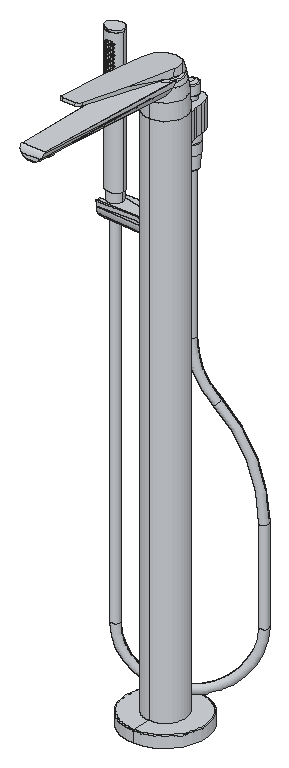
Revit family "Faucet-Bath_Filler-KOHLER-Avid-K-T97367", category Plumbing Fixtures, host Face, Revit 2015 (continued)
Definition of nested family "K-T97367"
  Lines and regions (in)
    symbolic lines, detail levels medium+fine
      curve 468: arc (-0.70189, 2.09185, 0) -> (-0.72195, 1.91239, 0) -> (-0.74258, 1.73299, 0) r 57.18807
      curve 469: arc (-0.74258, 1.73299, 0) -> (-0.76595, 1.53551, 0) -> (-0.79001, 1.33811, 0) r 57.18807
      curve 470: arc (-0.84442, 1.05938, 0) -> (-0.88289, 0.90385, 0) -> (-0.91511, 0.74692, 0) r 4.00381
      curve 471: arc (-0.79001, 1.33811, 0) -> (-0.81235, 1.1978, 0) -> (-0.84442, 1.05938, 0) r 2.03755
      curve 472: arc (0.95059, 0.7012, 0) -> (0.89437, 0.87952, 0) -> (0.84327, 1.05938, 0) r 6.53492
      curve 473: arc (0.84327, 1.05938, 0) -> (0.8112, 1.1978, 0) -> (0.78886, 1.33811, 0) r 2.03755
      curve 474: arc (0.78886, 1.33811, 0) -> (0.7648, 1.53551, 0) -> (0.74143, 1.73299, 0) r 57.18807
      curve 475: arc (0.74143, 1.73299, 0) -> (0.7208, 1.91239, 0) -> (0.70074, 2.09185, 0) r 57.18807
      curve 476: arc (0.70074, 2.09185, 0) -> (0.61447, 2.35414, 0) -> (0.42956, 2.55918, 0) r 0.66845
      curve 477: arc (-0.65096, 2.28405, 0) -> (-0.68361, 2.18985, 0) -> (-0.70189, 2.09185, 0) r 0.66845
      curve 478: line (0.82902, 2.22561, 0) -> (0.69457, 2.13493, 0)
      curve 479: line (-2.25367, 0.74938, 0) -> (-0.73808, 1.77166, 0)
      curve 480: circle (0, 1.97715, 0) r 0.47254 normal (0, 0, 1)
      curve 481: line (-0.6857, -9.76812, 0) -> (0.6856, -9.76812, 0)
      curve 482: spline (-0.71564, -9.79981, 0) -> (-0.71461, -9.79629, 0) -> (-0.71326, -9.79285, 0) -> (-0.71162, -9.78952, 0) -> (-0.70968, -9.78634, 0) -> (-0.70747, -9.78331, 0) -> (-0.70499, -9.78046, 0) -> (-0.70227, -9.77781, 0) -> (-0.69932, -9.77538, 0) -> (-0.69617, -9.77318, 0) -> (-0.69284, -9.77122, 0) -> (-0.68934, -9.76954, 0) -> (-0.6857, -9.76812, 0)
      curve 483: spline (-0.72728, -9.84385, 0) -> (-0.72688, -9.8402, 0) -> (-0.72638, -9.83653, 0) -> (-0.72577, -9.83286, 0) -> (-0.72506, -9.82918, 0) -> (-0.72424, -9.82549, 0) -> (-0.72332, -9.8218, 0) -> (-0.72229, -9.81812, 0) -> (-0.72116, -9.81444, 0) -> (-0.71993, -9.81077, 0) -> (-0.7186, -9.8071, 0) -> (-0.71717, -9.80345, 0) -> (-0.71564, -9.79981, 0)
      curve 484: spline (0.6856, -9.76812, 0) -> (0.68888, -9.76945, 0) -> (0.69206, -9.771, 0) -> (0.69511, -9.77274, 0) -> (0.69801, -9.77469, 0) -> (0.70076, -9.77682, 0) -> (0.70333, -9.77912, 0) -> (0.70571, -9.78157, 0) -> (0.70789, -9.78418, 0) -> (0.70985, -9.78692, 0) -> (0.71159, -9.78977, 0) -> (0.7131, -9.79272, 0) -> (0.71436, -9.79576, 0)
      curve 485: spline (0.71438, -9.79575, 0) -> (0.7164, -9.80146, 0) -> (0.71826, -9.80718, 0) -> (0.71993, -9.8129, 0) -> (0.72143, -9.81861, 0) -> (0.72275, -9.82431, 0) -> (0.72389, -9.83, 0) -> (0.72485, -9.83566, 0) -> (0.72563, -9.8413, 0) -> (0.72622, -9.84691, 0) -> (0.72663, -9.85247, 0) -> (0.72686, -9.85799, 0) -> (0.7269, -9.86347, 0)
      curve 486: line (2.68074, 4.07762, 0) -> (2.96029, 3.66317, 0)
      curve 487: line (2.26622, 3.79802, 0) -> (2.54577, 3.38357, 0)
      curve 488: line (1.8517, 3.51842, 0) -> (2.13125, 3.10398, 0)
      curve 489: line (1.43718, 3.23883, 0) -> (1.71673, 2.82438, 0)
      curve 490: line (1.02266, 2.95923, 0) -> (1.30221, 2.54478, 0)
      curve 491: line (0.60814, 2.67964, 0) -> (0.88769, 2.26519, 0)
      curve 492: line (-1.04993, 1.56125, 0) -> (-0.81067, 1.20652, 0)
      curve 493: line (-1.46445, 1.28165, 0) -> (-1.18486, 0.86714, 0)
      curve 494: line (-1.87897, 1.00206, 0) -> (-1.65586, 0.67128, 0)
      curve 495: line (-2.29349, 0.72246, 0) -> (-2.24986, 0.65778, 0)
      curve 496: line (-1.18123, 0, 25.21849) -> (1.18123, 0, 25.21849)
      curve 497: line (-1.17979, 0, 27.08786) -> (1.18123, 0, 27.08786)
      curve 498: arc (-1.89505, 0, 25.96762) -> (-1.51254, 0, 26.12151) -> (-1.24221, 0, 26.43283) r 0.87944
      curve 499: line (0, 1.18123, 26.201) -> (0, 0.5317, 26.201)
      curve 500: line (0, -1.18123, 26.201) -> (0, -0.5317, 26.201)
      curve 501: line (0, 2.29078, 32.98259) -> (0, 1.66352, 32.98259)
      curve 502: line (0, 1.18123, 32.69125) -> (0, 0.74692, 32.69125)
      curve 503: line (0, 0.74692, 32.69125) -> (0, 0.74692, 31.11645)
      curve 504: line (0, 1.18123, 31.11645) -> (0, 0.74692, 31.11645)
      curve 505: line (-0.35819, 0, 34.5291) -> (0.36251, 0, 34.5291)
      curve 506: line (-0.25357, 0, 34.45313) -> (0.25357, 0, 34.45313)
      curve 507: arc (-0.25357, 0, 34.45313) -> (-0.27136, 0, 34.49351) -> (-0.29744, 0, 34.5291) r 0.20348
      curve 508: arc (0.25357, 0, 34.45313) -> (0.27136, 0, 34.49351) -> (0.29744, 0, 34.5291) r 0.20348
      curve 509: arc (-0.35819, 0, 34.5291) -> (-0.37519, 0, 34.53459) -> (-0.38578, 0, 34.54897) r 0.02909
      curve 510: arc (0.36251, 0, 34.5291) -> (0.37609, 0, 34.53352) -> (0.38449, 0, 34.54507) r 0.02312
      curve 511: arc (-0.38578, 0, 34.54897) -> (-0.43358, 0, 34.66236) -> (-0.50677, 0, 34.76128) r 0.51809
      curve 512: arc (0.38449, 0, 34.54507) -> (0.43037, 0, 34.65249) -> (0.49456, 0, 34.75007) r 0.65621
      curve 513: line (-1.18123, 0, 0.68897) -> (1.18123, 0, 0.68897)
      curve 514: arc (0.59891, -7.01452, 0) -> (0.52992, -7.15974, 0) -> (0.38036, -7.21875, 0) r 0.21905
      curve 515: arc (-0.3806, -7.21875, 0) -> (-0.52996, -7.15982, 0) -> (-0.59885, -7.01479, 0) r 0.21875
      curve 516: arc (-0.68586, 0, 35.23016) -> (-0.00141, 0, 35.30493) -> (0.68341, 0, 35.23377) r 3.24855
      curve 517: line (-0.66653, 0, 35.209) -> (0.66653, 0, 35.209)
      curve 518: arc (-0.7155, 0, 35.18631) -> (-0.69353, 0, 35.20309) -> (-0.66653, 0, 35.209) r 0.06386
      curve 519: spline (0.7258, 0, 35.14158) -> (0.72648, 0, 35.14441) -> (0.72702, 0, 35.14721) -> (0.72743, 0, 35.14997) -> (0.72769, 0, 35.15268) -> (0.72782, 0, 35.15535) -> (0.7278, 0, 35.15798) -> (0.72764, 0, 35.16056) -> (0.72734, 0, 35.16308) -> (0.72691, 0, 35.16555) -> (0.72633, 0, 35.16797) -> (0.72561, 0, 35.17033) -> (0.72475, 0, 35.17262)
      curve 520: arc (0.7155, 0, 35.18631) -> (0.69353, 0, 35.20309) -> (0.66653, 0, 35.209) r 0.06386
  Dimensions and locks (in)
    plane 3 "Center (Left/Right)" to plane 17 = 3 9/16"
    plane 16 to plane 7 = 4 3/4"
    plane 20 to plane 21 = 8 11/16"
    plane 1 "Center (Front/Back)" to plane 10 = 7 7/32"
    plane 1 "Center (Front/Back)" to plane 12 = 8 7/8"
    plane 4 to level = 36.562"
    level to plane 8 = 34.48"
    plane 8 to plane 22 = 0.729"
    aligned and locked: plane 2 to level
Types (3): name | Type | Model | Finish
  (no name) | 1 | "K-T97367-4-CP" | Kohler-Metal-CP-Polished_Chrome
  CP-Polished Chrome | 1 | "K-T97367-4-CP" | Kohler-Metal-CP-Polished_Chrome
  BN-Vibrant Brushed Nickel | 2 | "K-T97367-4-BN" | Kohler-Metal-BN-Vibrant_Brushed_Nickel
